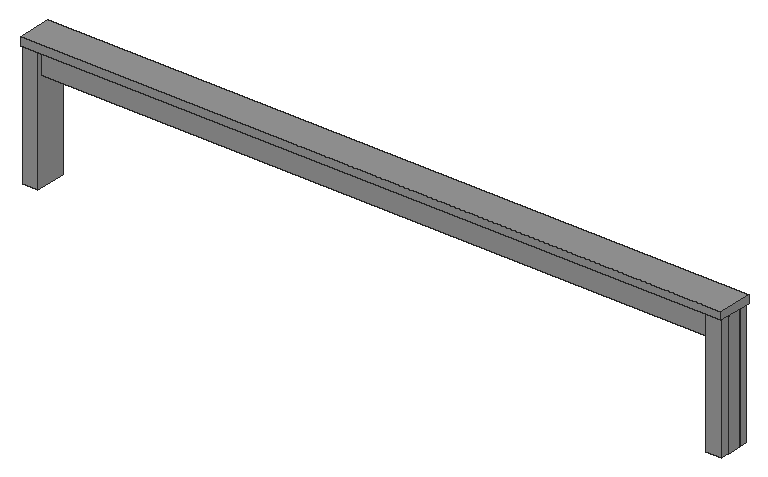
Revit family "GD10 1600-2400 Shelf", category Furniture, Revit 2019
Family settings
  OmniClass Number = 23.40.20.00
  OmniClass Title = General Furniture and Specialties
  Work Plane-Based = No
  Always vertical = Yes
  Cut with Voids When Loaded = No
  Shared = No
  Room Calculation Point = No
Parameters (values of type "2400")
  Width = 2400 mm
  URL = "www.gof.co.uk"
  Range = "GD10"
  Product Code = "GD10A5L"
  Manufacturer = "Gresham Office Furniture"  # constant formula
  Light = Gresham -LIGHT
  Height = 742 mm
  Frame = Gresham - SOLID OAK
  Depth = 900 mm
  Assembly Code = "E2020200"
Types (6, lengths in mm): name | Width | Product Code
  (no name) | 2400 | "GD10A5L"
  2000 | 2000 | "GD10A3L"
  2400 | 2400 | "GD10A5L"
  1600 | 1600 | "GD10A1L"
  1800 | 1800 | "GD10A2L"
  2200 | 2200 | "GD10A4L"
Reference planes
  plane 1 "Center (Front/Back)": y = 0
  plane 2: z = 0
  plane 3 "Center (Left/Right)": x = 0
  plane 4: x = 1200
  plane 5: x = -1200
  plane 6: y = 450
  plane 7: y = -450
  plane 8 "Table Underside": z = 717
  plane 9 "Height": z = 742
  plane 10 "Shelf Height": z = 1167
  plane 11: z = 1142
Forms (mm)
  Extrusion 1, solid, material "Gresham - SOLID OAK" <- "Frame"
    sketch origin (1921.939, -1524, 742) x (0, -1, 0) y (-1, 0, 0)
      loop
        line (-1474, 3046.939) -> (-1500.992, 3046.939) -> (-1500.992, 3048.248)
        arc (-1500.992, 3048.248) -> (-1501.388, 3049.305) -> (-1502.382, 3049.841) r 1.607
        line (-1502.382, 3049.841) -> (-1545.618, 3049.841)
        arc (-1545.618, 3049.841) -> (-1546.612, 3049.305) -> (-1547.008, 3048.248) r 1.607
        line (-1547.008, 3048.248) -> (-1547.008, 3046.939) -> (-1574, 3046.939) -> (-1574, 2996.939) -> (-1474, 2996.939) -> (-1474, 3046.939)
    from 0 to -400
  Extrusion 2, solid, material "Gresham - SOLID OAK" <- "Frame"
    sketch origin (0, 0, 0) x (0, 1, 0) y (0, 0, 1)
      loop
        line (55, 1167) -> (-55, 1167) -> (-55, 1142) -> (55, 1142) -> (55, 1167)
    from -1127.902 to 1127.902
  Extrusion 3, solid, material "Gresham - SOLID OAK" <- "Frame"
    sketch origin (0, 0, -115) x (0, 1, 0) y (0, 0, 1)
      loop
        line (-37.5, 1257) -> (-37.5, 1182) -> (-27.5, 1182) -> (-27.5, 1207) -> (27.5, 1207) -> (27.5, 1182) -> (37.5, 1182) -> (37.5, 1257) -> (-37.5, 1257)
    from -1075 to 1075
  Extrusion 4, solid, material "Gresham -LIGHT" <- "Light"
    sketch origin (0, 0, 0) x (0, 1, 0) y (0, 0, 1)
      loop
        line (27.5, 1070) -> (27.5, 1075) -> (-27.5, 1075) -> (-27.5, 1070) -> (27.5, 1070)
    from -1075 to 1075
  Extrusion 5, solid, material "Gresham - SOLID OAK" <- "Frame"
    sketch origin (-1921.939, -1524, 742) x (0, 1, 0) y (1, 0, 0)
      loop
        line (1474, 3046.939) -> (1474, 2996.939) -> (1574, 2996.939) -> (1574, 3046.939) -> (1547.008, 3046.939) -> (1547.008, 3048.248)
        arc (1547.008, 3048.248) -> (1546.612, 3049.305) -> (1545.618, 3049.841) r 1.607
        line (1545.618, 3049.841) -> (1502.382, 3049.841)
        arc (1502.382, 3049.841) -> (1501.388, 3049.305) -> (1500.992, 3048.248) r 1.607
        line (1500.992, 3048.248) -> (1500.992, 3046.939) -> (1474, 3046.939)
    from 0 to -400
Dimensions and locks
  equal spacing: plane 5, plane 3 "Center (Left/Right)", plane 4
  "Width": plane 5 to plane 4
  equal spacing: plane 7, plane 1 "Center (Front/Back)", plane 6
  plane 7 to plane 6 = 900 mm
  "Height": plane 9 "Height" to level
  locked: plane 9 "Height" to plane 8 "Table Underside" at 25
  plane 10 "Shelf Height" to plane 9 "Height" = 425 mm
  locked: Extrusion 3 to Extrusion 3 at 10  (x2)
  locked: Extrusion 3 to Extrusion 3 at 25
  locked: Extrusion 3 to Extrusion 3 at 75  (x2)
  locked: Extrusion 3 to Extrusion 3 at 50
  Extrusion 1 sketch curve to Extrusion 1 sketch curve = 100 mm  (x2)
  locked: Extrusion 4 to Extrusion 4 at 5
  locked: Extrusion 2 to plane 4 at 72.098
  locked: plane 5 to Extrusion 2 at 72.098
  locked: Extrusion 1 to Extrusion 1 at 50
  Extrusion 5 sketch curve to Extrusion 5 sketch curve = 100 mm  (x2)
  locked: Extrusion 5 to Extrusion 5 at 50
  locked: Extrusion 3 to plane 4 at 125
  locked: plane 5 to Extrusion 4 at 125
  aligned and locked: level to plane 2
  aligned and locked: Extrusion 3 to Extrusion 1
  aligned and locked: Extrusion 3 to Extrusion 4
Automatic sketch dimensions
  Extrusion 1 sketch curve to plane 1 "Center (Front/Back)" = 50 mm
  Extrusion 1 sketch curve to plane 1 "Center (Front/Back)" = 23.008 mm
  Extrusion 1 sketch curve to Extrusion 1 sketch curve = 1.39 mm
  Extrusion 1 sketch curve to Extrusion 1 sketch curve = 0.218 mm  (x2)
  plane 1 "Center (Front/Back)" to Extrusion 1 sketch curve = 21.4 mm
  Extrusion 1 sketch curve to Extrusion 1 sketch curve = 1.607 mm
  plane 5 to Extrusion 1 sketch curve = 72.098 mm
  Extrusion 1 sketch curve to Extrusion 1 sketch curve = 1.309 mm  (x2)
  Extrusion 1 sketch curve to Extrusion 1 sketch curve = 50 mm
  Extrusion 2 sketch curve to plane 10 "Shelf Height" = 0 mm
  plane 1 "Center (Front/Back)" to Extrusion 2 sketch curve = 55 mm
  Extrusion 2 sketch curve to plane 11 = 0 mm
  Extrusion 2 sketch curve to plane 1 "Center (Front/Back)" = 55 mm
  plane 1 "Center (Front/Back)" to Extrusion 3 sketch curve = 37.5 mm
  Extrusion 3 sketch curve to Extrusion 3 sketch curve = 10 mm
  Extrusion 3 sketch curve to plane 1 "Center (Front/Back)" = 27.5 mm
  Extrusion 3 sketch curve to plane 11 = 0 mm
  Extrusion 3 sketch curve to plane 1 "Center (Front/Back)" = 37.5 mm
  plane 11 to Extrusion 3 sketch curve = 50 mm
  Extrusion 3 sketch curve to Extrusion 3 sketch curve = 25 mm  (x2)
  plane 1 "Center (Front/Back)" to Extrusion 4 sketch curve = 27.5 mm
  Extrusion 4 sketch curve to plane 1 "Center (Front/Back)" = 27.5 mm
  plane 11 to Extrusion 4 sketch curve = 72 mm
  Extrusion 4 sketch curve to Extrusion 4 sketch curve = 5 mm
  plane 1 "Center (Front/Back)" to Extrusion 5 sketch curve = 50 mm
  plane 1 "Center (Front/Back)" to Extrusion 5 sketch curve = 23.008 mm
  Extrusion 5 sketch curve to Extrusion 5 sketch curve = 1.39 mm
  Extrusion 5 sketch curve to Extrusion 5 sketch curve = 0.218 mm  (x2)
  Extrusion 5 sketch curve to plane 1 "Center (Front/Back)" = 21.4 mm
  Extrusion 5 sketch curve to Extrusion 5 sketch curve = 1.607 mm
  Extrusion 5 sketch curve to plane 4 = 72.098 mm
  Extrusion 5 sketch curve to Extrusion 5 sketch curve = 1.309 mm  (x2)
  Extrusion 5 sketch curve to Extrusion 5 sketch curve = 50 mm
